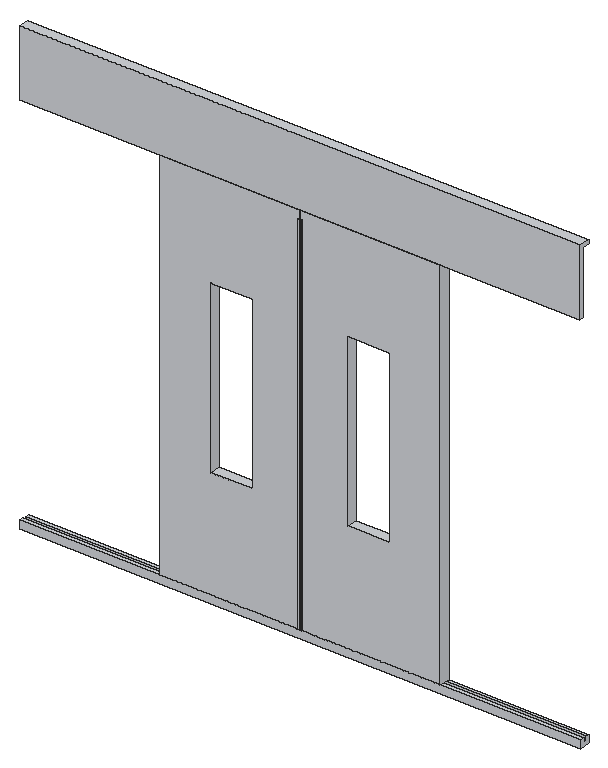
Revit family "Center Opening_2 Panels with windows", category Generic Models, Revit 2021
Family settings
  Can host rebar = No
  Round Connector Dimension = Use Diameter
  Part Type = Normal
  Work Plane-Based = No
  Always vertical = Yes
  Cut with Voids When Loaded = No
  Shared = No
  Room Calculation Point = No
Parameters
  track width = 3200 mm
  sill-track width = (sill thickness - sill track gap) / 2  # 22 mm
  sill track gap = 16 mm
  sill thickness = 60 mm
  header width = 3200 mm
  header thickness = 60 mm
  header frame thickness = 20 mm
  framing width = 12 mm
  frame thickness = 1 mm
  door thickness = 60 mm
  Photocell = yes
  Operation Type = "Not vertically sliding, centre opening"
  Number of Panel = 2
  Mechanical Safety Edge = yes
  Light Curtain/Photocell Model = "BCA909"
  Light Curtain/Photocell Brand = "Bca"
  Light Curtain = yes
  DoorLockOpenableFromPit = yes
  Door Width = 800 mm
  Door Height = 2150 mm
  Default Elevation = 0 mm
  Car Door Operator Model = "BCa222"
  Car Door Operator Brand = "BCA"
Reference planes
  plane 1 "Center (Front/Back)": y = 0
  plane 2: z = 0
  plane 3 "Center (Left/Right)": x = 0
Forms (mm)
  Extrusion 1, solid
    sketch origin (0, 0, 0) x (0, 1, 0) y (0, 0, 1)
      loop
        line (0, 0) -> (0, -45) -> (60, -45) -> (60, 0) -> (38, 0) -> (38, -23.462) -> (22, -23.462) -> (22, 0) -> (0, 0)
    from -1600 to 1600
  Extrusion 2, solid
    sketch origin (0, 0, 0) x (1, 0, 0) y (0, 0, 1)
      loop
        line (0, 0) -> (800, 0) -> (800, 2150) -> (0, 2150) -> (0, 0)
    from 0 to -60
  Extrusion 3, solid
    sketch origin (0, 0, 0) x (-1, 0, 0) y (0, 0, -1)
      loop
        line (0, 0) -> (0, -2150) -> (800, -2150) -> (800, 0) -> (0, 0)
    from 0 to -60
  Extrusion 4, solid
    sketch origin (0, 0, 0) x (1, 0, 0) y (0, 0, 1)
      loop
        line (0, 2100) -> (0, 0) -> (12, 0) -> (12, 2100) -> (0, 2100)
    from 0 to 1
  Extrusion 5, solid
    sketch origin (0, 0, 0) x (-1, 0, 0) y (0, 0, -1)
      loop
        line (0, -2100) -> (12, -2100) -> (12, 0) -> (0, 0) -> (0, -2100)
    from 0 to 1
  Extrusion 6, void
    sketch origin (0, 0, 0) x (1, 0, 0) y (0, 0, 1)
      loop
        line (270.622, 1597.112) -> (270.622, 625.689) -> (510.622, 625.689) -> (510.622, 1597.112) -> (270.622, 1597.112)
    from -387.202 to 250
  Extrusion 7, void
    sketch origin (0, 0, 0) x (-1, 0, 0) y (0, 0, -1)
      loop
        line (270.622, -1597.112) -> (510.622, -1597.112) -> (510.622, -625.689) -> (270.622, -625.689) -> (270.622, -1597.112)
    from -387.202 to 250
  Extrusion 8, solid
    sketch origin (0, 0, 0) x (0, 1, 0) y (0, 0, 1)
      loop
        line (-1, 2150) -> (19, 2150) -> (19, 2510) -> (59, 2510) -> (59, 2530) -> (-1, 2530) -> (-1, 2150)
    from -1600 to 1600
Cuts and joins
  Extrusion 6, Extrusion 7 cuts Extrusion 2
  Extrusion 7 cuts Extrusion 3
Dimensions and locks
  "sill thickness": Extrusion 1 to Extrusion 1
  "sill track gap": Extrusion 1 to Extrusion 1
  "sill-track width": Extrusion 1 to Extrusion 1
  Extrusion 1 to Extrusion 1 = 22 mm
  equal spacing: Extrusion 1, plane 3 "Center (Left/Right)", Extrusion 1
  "Door Height": Extrusion 2 to Extrusion 2
  "Door Width": Extrusion 2 to Extrusion 2
  "Door Width": Extrusion 3 to Extrusion 3
  "Door Height": Extrusion 3 to Extrusion 3
  "door thickness": Extrusion 3 to Extrusion 3  (x2)
  "frame thickness": Extrusion 3 to Extrusion 4
  "framing width": Extrusion 4 to Extrusion 4
  "framing width": Extrusion 5 to Extrusion 5
  "header frame thickness": Extrusion 8 to Extrusion 8  (x2)
  "header thickness": Extrusion 8 to Extrusion 8
  "track width": Extrusion 1 to Extrusion 1
  "header width": Extrusion 8 to Extrusion 8
  equal spacing: Extrusion 8, plane 3 "Center (Left/Right)", Extrusion 8
  aligned and locked: level to plane 2
  aligned and locked: plane 1 "Center (Front/Back)" to Extrusion 1
  aligned and locked: cut or joined group of Extrusion 3, Extrusion 7 to Extrusion 8
Automatic sketch dimensions
  Extrusion 1 sketch curve to level = 0 mm  (x2)
  Extrusion 1 sketch curve to plane 1 "Center (Front/Back)" = 0 mm
  Extrusion 1 sketch curve to Extrusion 1 sketch curve = 22 mm  (x2)
  Extrusion 1 sketch curve to Extrusion 1 sketch curve = 16 mm
  Extrusion 1 sketch curve to level = 23.462 mm
  Extrusion 1 sketch curve to Extrusion 1 sketch curve = 21.538 mm
  Extrusion 2 sketch curve to plane 3 "Center (Left/Right)" = 0 mm
  Extrusion 2 sketch curve to level = 0 mm
  plane 3 "Center (Left/Right)" to Extrusion 2 sketch curve = 800 mm
  level to Extrusion 2 sketch curve = 2150 mm
  Extrusion 3 sketch curve to plane 3 "Center (Left/Right)" = 0 mm
  Extrusion 3 sketch curve to level = 0 mm
  Extrusion 3 sketch curve to plane 3 "Center (Left/Right)" = 800 mm
  level to Extrusion 3 sketch curve = 2150 mm
  Extrusion 4 sketch curve to plane 3 "Center (Left/Right)" = 0 mm
  Extrusion 4 sketch curve to level = 0 mm
  plane 3 "Center (Left/Right)" to Extrusion 4 sketch curve = 12 mm
  level to Extrusion 4 sketch curve = 2100 mm
  Extrusion 5 sketch curve to plane 3 "Center (Left/Right)" = 0 mm
  Extrusion 5 sketch curve to level = 0 mm
  Extrusion 5 sketch curve to Extrusion 5 sketch curve = 12 mm
  level to Extrusion 5 sketch curve = 2100 mm
  plane 3 "Center (Left/Right)" to Extrusion 6 sketch curve = 270.622 mm
  Extrusion 6 sketch curve to Extrusion 6 sketch curve = 240 mm
  level to Extrusion 6 sketch curve = 625.689 mm
  Extrusion 6 sketch curve to Extrusion 6 sketch curve = 971.423 mm
  Extrusion 7 sketch curve to plane 3 "Center (Left/Right)" = 270.622 mm
  Extrusion 7 sketch curve to Extrusion 7 sketch curve = 240 mm
  level to Extrusion 7 sketch curve = 1597.112 mm
  level to Extrusion 7 sketch curve = 625.689 mm
  plane 1 "Center (Front/Back)" to Extrusion 8 sketch curve = 1 mm
  Extrusion 8 sketch curve to plane 1 "Center (Front/Back)" = 19 mm
  Extrusion 8 sketch curve to Extrusion 8 sketch curve = 40 mm
  level to Extrusion 8 sketch curve = 2510 mm
  Extrusion 8 sketch curve to Extrusion 8 sketch curve = 20 mm
  Extrusion 8 sketch curve to Extrusion 8 sketch curve = 360 mm
